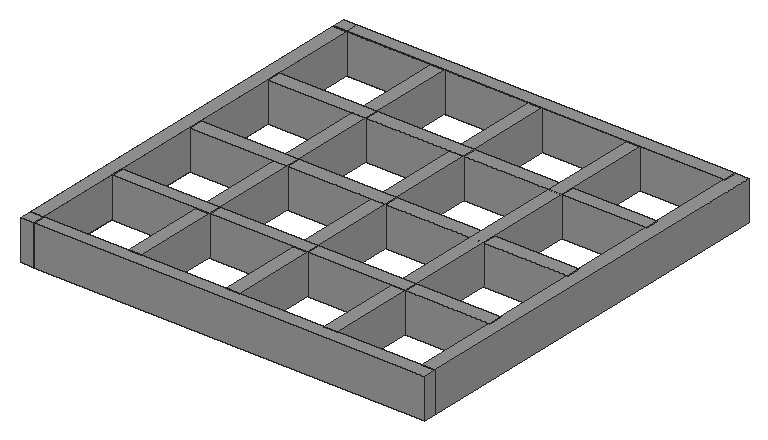
Revit family "6113-6", category Generic Models, host Ceiling, Revit 2023
Family settings
  Host = Ceiling
  Can host rebar = No
  Round Connector Dimension = Use Diameter
  Part Type = Normal
  Always vertical = Yes
  Cut with Voids When Loaded = No
  Maintain Annotation Orientation = No
  Shared = No
  Room Calculation Point = No
Parameters (values of type "6112-3")
  MEMBER THICKNESS [instance] = 0' - 0 3/4"
  Default Elevation = 0' - 0"
  Cube Depth [instance] = 0' - 2 1/4"  # constant formula
  CELL COUNT [instance] = 4  # constant formula
  .. Member Material [instance] = 9WOOD WALNUT
Types (3): name
  (no name)
  6112-3
  6113-3
Reference planes (in)
  plane 1 "Center (Front/Back)": y = 0
  plane 2 "Ceiling": z = 96
  plane 3 "Center (Left/Right)": x = 0
Dimensions and locks (in)
  equal spacing: host sketch curve, plane 3 "Center (Left/Right)", host sketch curve
  equal spacing: host sketch curve, plane 1 "Center (Front/Back)", host sketch curve
  host sketch curve to host sketch curve = 10' - 0"  (x2)
  aligned and locked: host ceiling to nested 1
Nested families (in)
  nested 1: "6100 Start" at (-406.11614, -294.13883, 72.37482), Actual Depth <- "Cube Depth", Member Material <- ".. Member Material", MEMBER COUNT <- "CELL COUNT", MEMBER THICKNESS <- "MEMBER THICKNESS", type "6100 Start"
    with W1 CALC 1' - 10 1/4", T1 1' - 9 1/2", Member Material 9WOOD WALNUT, MEMBER THICKNESS 0' - 0 3/4", MEMBER COUNT 4, D2 TYP 0' - 5 9/16", Actual Depth 0' - 2 1/4", .. Half Member Width 0' - 0 3/8"
Definition of nested family "6100 Start"
  Parameters (values of type "6100 Start")
    W1 CALC [instance] = 1' 9 1/2" + MEMBER THICKNESS  # 1' - 10 1/8"
    T1 [instance] = 1' - 9 1/2"  # constant formula
    Member Material [instance] = none
    .. Half Member Width [instance] = MEMBER THICKNESS / 2  # 0' - 0 5/16"
    Actual Depth [instance] = 0' - 2 1/4"
    MEMBER THICKNESS [instance] = 0' - 0 5/8"
    Default Elevation = 0' - 2 25/32"
    D2 TYP [instance] = (T1 + MEMBER THICKNESS) / MEMBER COUNT  # 0' - 5 17/32"
    MEMBER COUNT [instance] = 4
  Reference planes (in)
    plane 1 "Center (Front/Back)": y = 286.63756
    plane 2: z = 0
    plane 3 "Center (Left/Right)": x = 398.71958
    plane 4: y = 308.88756
    plane 5: x = 420.96958
    plane 6: x = 399.46958
    plane 7: y = 287.38756
    plane 8: x = 420.96958
    plane 9: x = 420.96958
    plane 10: z = 23.62518
    plane 11: x = 399.46958
    plane 12: y = 309.20006
    plane 13: y = 303.66881
    plane 14: x = 399.15708
    plane 15: x = 404.68833
  Dimensions and locks (in)
    "T1": plane 4 to plane 7
    "T1": plane 6 to plane 5
    ".. Half Member Width": plane 14 to plane 6
    ".. Half Member Width": plane 12 to plane 4
    "D2 TYP": plane 12 to plane 13
    "D2 TYP": plane 14 to plane 15
    equal spacing: group 1, group 3, group 4, group 7  (x2)
    equal spacing: group 7, group 4, group 3, group 1
    equal spacing: group 2, group 5, group 6, group 8
    equal spacing: group 8, group 6, group 5, group 2  (x2)
    aligned and locked: plane 2 to level
    aligned and locked: plane 4 to nested 1  (x2)
    aligned and locked: plane 5 to nested 2
    aligned and locked: plane 7 to nested 3
    aligned and locked: nested 3 to plane 6
    aligned and locked: nested 4 to plane 8
    aligned and locked: nested 4 to plane 7
    aligned and locked: nested 5 to plane 4
    aligned and locked: nested 5 to plane 9
    aligned and locked: plane 6 to nested 6
    aligned and locked: plane 4 to nested 6
    aligned and locked: plane 10 to nested 2
    aligned and locked: nested 5 to plane 10
    aligned and locked: nested 3 to plane 10
    aligned and locked: nested 6 to plane 10
    aligned and locked: nested 4 to plane 10
    aligned and locked: plane 11 to nested 6
    aligned and locked: plane 14 to nested 1
    aligned and locked: plane 15 to nested 7
    aligned and locked: nested 2 to plane 12
    aligned and locked: nested 9 to plane 13
    aligned and locked: plane 10 to nested 12
    aligned and locked: plane 10 to nested 11
    aligned and locked: plane 10 to nested 8
  Nested families (in)
    nested 1: "Only Box" at (399.15708, 298.13756, 21.37518), Width <- "MEMBER THICKNESS", Length <- "T1", Depth <- "Actual Depth", Material <- "Member Material", type "Only Box"
      with Width 0' - 0 5/8", Material none, Length 1' - 9 1/2", Depth 0' - 2 1/4"
    nested 2: "Only Box" at (410.21958, 309.20006, 21.37518), Length <- "MEMBER THICKNESS", Depth <- "Actual Depth", Material <- "Member Material", type "Only Box"
      with Width 1' - 9 1/2", Material none, Length 0' - 0 5/8", Depth 0' - 2 1/4"
    nested 3: "Only Box 2" at (438.46958, 259.37199, 23.62518) x (0, -1, 0) z (0, 0, 1), Depth <- "Actual Depth", Length <- "MEMBER THICKNESS", Material <- "Member Material", Width <- "W1 CALC", type "Only Box 2"
      with Width 1' - 10 1/8", Material none, Length 0' - 0 5/8", Depth 0' - 2 1/4"
    nested 4: "Only Box 2" at (448.98515, 326.38756, 23.62518), Depth <- "Actual Depth", Length <- "MEMBER THICKNESS", Material <- "Member Material", Width <- "W1 CALC", type "Only Box 2"
      with Width 1' - 10 1/8", Material none, Length 0' - 0 5/8", Depth 0' - 2 1/4"
    nested 5: "Only Box 2" at (381.96958, 336.90313, 23.62518) x (0, 1, 0) z (0, 0, 1), Depth <- "Actual Depth", Length <- "MEMBER THICKNESS", Material <- "Member Material", Width <- "W1 CALC", type "Only Box 2"
      with Width 1' - 10 1/8", Material none, Length 0' - 0 5/8", Depth 0' - 2 1/4"
    nested 6: "Only Box 2" at (371.45401, 269.88756, 23.62518) x (-1, 0, 0) z (0, 0, 1), Depth <- "Actual Depth", Length <- "MEMBER THICKNESS", Material <- "Member Material", Width <- "W1 CALC", type "Only Box 2"
      with Width 1' - 10 1/8", Material none, Length 0' - 0 5/8", Depth 0' - 2 1/4"
    nested 7: "Only Box" at (404.68833, 298.13756, 21.37518), Width <- "MEMBER THICKNESS", Length <- "T1", Depth <- "Actual Depth", Material <- "Member Material", type "Only Box"
      with Width 0' - 0 5/8", Material none, Length 1' - 9 1/2", Depth 0' - 2 1/4"
    nested 8: "Only Box" at (410.21958, 298.13756, 21.37518), Width <- "MEMBER THICKNESS", Length <- "T1", Depth <- "Actual Depth", Material <- "Member Material", type "Only Box"
      with Width 0' - 0 5/8", Material none, Length 1' - 9 1/2", Depth 0' - 2 1/4"
    nested 9: "Only Box" at (410.21958, 303.66881, 21.37518), Length <- "MEMBER THICKNESS", Depth <- "Actual Depth", Material <- "Member Material", type "Only Box"
      with Width 1' - 9 1/2", Material none, Length 0' - 0 5/8", Depth 0' - 2 1/4"
    nested 10: "Only Box" at (410.21958, 298.13756, 21.37518), Length <- "MEMBER THICKNESS", Depth <- "Actual Depth", Material <- "Member Material", type "Only Box"
      with Width 1' - 9 1/2", Material none, Length 0' - 0 5/8", Depth 0' - 2 1/4"
    nested 11: "Only Box" at (415.75083, 298.13756, 21.37518), Width <- "MEMBER THICKNESS", Length <- "T1", Depth <- "Actual Depth", Material <- "Member Material", type "Only Box"
      with Width 0' - 0 5/8", Material none, Length 1' - 9 1/2", Depth 0' - 2 1/4"
    nested 12: "Only Box" at (410.21958, 292.60631, 21.37518), Length <- "MEMBER THICKNESS", Depth <- "Actual Depth", Material <- "Member Material", type "Only Box"
      with Width 1' - 9 1/2", Material none, Length 0' - 0 5/8", Depth 0' - 2 1/4"
  Definition of nested family "Only Box"
    Parameters
      Width [instance] = 4' - 8.03114"
      Material [instance] = none
      Length [instance] = 6' - 6"
      Depth [instance] = 2' - 8"
      Default Elevation = 0' - 0"
    Reference planes (in)
      plane 1 "Center (Front/Back)": y = 0
      plane 2: z = 0
      plane 3 "Center (Left/Right)": x = 0
      plane 4: x = -28.01557
      plane 5: x = 28.01557
      plane 6: y = 39
      plane 7: y = -39
      plane 8: z = 32
    Forms (in)
      Extrusion 1, solid, material <- "Material"
        sketch origin (0, 0, 0) x (1, 0, 0) y (0, 1, 0)
          loop
            line (-28.01557, 39) -> (-28.01557, -39) -> (28.01557, -39) -> (28.01557, 39) -> (-28.01557, 39)
        from 0 to 32
    Dimensions and locks (in)
      equal spacing: plane 6, plane 1 "Center (Front/Back)", plane 7
      equal spacing: plane 4, plane 3 "Center (Left/Right)", plane 5
      "Width": plane 4 to plane 5
      "Length": plane 6 to plane 7
      "Depth": plane 8 to level
      aligned and locked: plane 2 to level
      aligned and locked: Extrusion 1 sketch curve to plane 6
      aligned and locked: plane 4 to Extrusion 1 sketch curve
      aligned and locked: plane 7 to Extrusion 1 sketch curve
      aligned and locked: Extrusion 1 sketch curve to plane 5
      aligned and locked: plane 8 to Extrusion 1
      aligned and locked: Extrusion 1 to level
  Definition of nested family "Only Box 2"
    Parameters (values of type "Only Box 2")
      Width [instance] = 4' - 8.03114"
      Material [instance] = none
      Length [instance] = 6' - 6"
      Depth [instance] = 2' - 8"
      Default Elevation = 0' - 0"
    Reference planes (in)
      plane 1 "Center (Front/Back)": y = 39
      plane 2: z = 0
      plane 3 "Center (Left/Right)": x = -28.01557
      plane 4: x = 49.98443
      plane 5: y = -17.03114
      plane 6: z = -32
      plane 7: x = 10.98443
      plane 8: y = 10.98443
    Forms (in)
      Extrusion 1, solid, material <- "Material"
        sketch origin (0, 0, 0) x (1, 0, 0) y (0, 1, 0)
          loop
            line (-28.01557, 39) -> (-28.01557, -17.03114) -> (49.98443, -17.03114) -> (49.98443, 39) -> (-28.01557, 39)
        from 0 to -32
    Dimensions and locks (in)
      "Length": plane 3 "Center (Left/Right)" to plane 4
      "Width": plane 5 to plane 1 "Center (Front/Back)"
      "Depth": level to plane 6
      equal spacing: plane 3 "Center (Left/Right)", plane 7, plane 4
      equal spacing: plane 1 "Center (Front/Back)", plane 8, plane 5
      aligned and locked: plane 2 to level
      aligned and locked: Extrusion 1 to level
      aligned and locked: Extrusion 1 to plane 3 "Center (Left/Right)"
      aligned and locked: Extrusion 1 to plane 1 "Center (Front/Back)"
      aligned and locked: plane 4 to Extrusion 1
      aligned and locked: Extrusion 1 to plane 5
      aligned and locked: Extrusion 1 to plane 6
    Automatic sketch dimensions
      Extrusion 1 sketch curve to plane 1 "Center (Front/Back)" = 0' - 0"
      plane 1 "Center (Front/Back)" to Extrusion 1 sketch curve = 4' - 8.03114"
      Extrusion 1 sketch curve to plane 3 "Center (Left/Right)" = 0' - 0"
      plane 3 "Center (Left/Right)" to Extrusion 1 sketch curve = 6' - 6"
